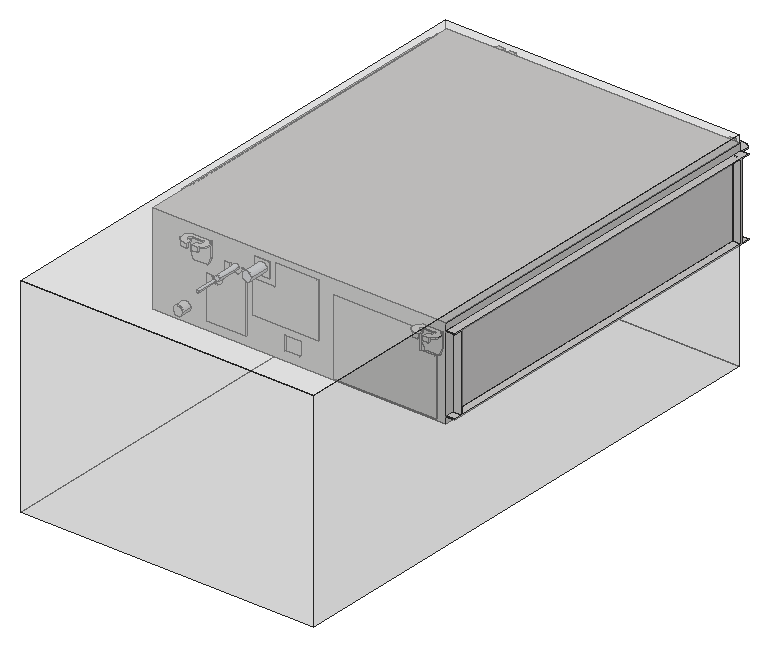
Revit family "outputfile", category 機械設備, Revit 2024
Family settings
  丸型コネクタ寸法 = 半径を使用
  パーツ タイプ = 標準
  OmniClass 番号 = 23.75.10.24.21.27.27
  OmniClass タイトル = Split System Air Conditioning Units
  作業面ベース = いいえ
  常に垂直 = はい
  ロード時にボイドで切り取り = いいえ
  注釈の向きを維持 = いいえ
  共有 = いいえ
  部屋計算ポイント = はい
Parameters (values of type "FXSQ50PAVE9")
  Description = ""
  製造元 = "Daikin"
  書き出し IFC クラス(タイプ) = "IfcUnitaryEquipmentType"
  定義済み IFC タイプ(タイプ) = "AIRCONDITIONINGUNIT"
  Cost = 0
  モデル = "FXSQ50PAVE9"
  Type Comments = ""
  Keynote = ""
  Type Image = (empty or 0)
  Assembly Code = ""
  r_Liquid Pipe Size = Liquid Pipe Size / 2  # 3.2 mm
  r_Gas Pipe Size = Gas Pipe Size / 2  # 6.35 mm
  r_Drain Pipe Size = Drain Pipe Size / 2  # 12.5 mm
  lw_power = 770.0 mm  # constant formula
  lh_SA = 138.0 mm  # constant formula
  lw_SA = if(Depth = 550.0 mm, 225.0 mm, if(Depth = 700.0 mm, 300.0 mm, if(Depth = 1000.0 mm, 450.0 mm, if(Depth = 1400.0 mm, 650.0 mm, 725.0 mm))))  # 450.0 mm
  lw_RA = if(Depth = 550.0 mm, 275.0 mm, if(Depth = 700.0 mm, 349.0 mm, if(Depth = 1000.0 mm, 499.0 mm, if(Depth = 1400.0 mm, 699.0 mm, 775.0 mm))))  # 499.0 mm
  lh_power = 60.0 mm + [h***]  # 60.0 mm
  lh_mountinghole1 = lh_mountinghole + [h***]  # 222.0 mm
  lh_RA = 123.0 mm  # constant formula
  ld_power = Depth / 2  # 500.0 mm
  Voltage_comment_60Hz = "220"
  Voltage_comment_50Hz = "220-240"
  Voltage_60Hz = 220 V
  Voltage_50Hz = 220 V
  URL = ""
  Supply Air Direction [instance] = yes
  Sound Power Level_H speed (dB) = 62
  Phase_60Hz = 1
  Phase_50Hz = 1
  Minimum External Static Pressure = 50.00 Pa
  Minimum Circuit Amps_60Hz = 1.3 A
  Minimum Circuit Amps_50Hz = 1.3 A
  Maximum Fuse Amps_60Hz = 16.0 A
  Maximum Fuse Amps_50Hz = 16.0 A
  Maximum External Static Pressure = 150.00 Pa
  Material_Casing = DAIKIN_GalvanizedSteel_Casing_indoorunit
  lw_mountinghole = 630.0 mm  # constant formula
  lh_gaspipe = 183.0 mm + [h***]  # 183.0 mm
  lh_mountinghole = 222.0 mm  # constant formula
  lh_liquidpipe = 136.0 mm + [h***]  # 136.0 mm
  lh_drainpipe = 207.0 mm + [h***]  # 207.0 mm
  lh_antena = Height - lh_mountinghole + 1.0 mm  # 24.0 mm
  ld_drainpipe = Depth / 2 + 53.0 mm  # 553.0 mm
  ld_liquidpipe = Depth / 2 + 69.0 mm  # 569.0 mm
  ld_gaspipe = Depth / 2 + 65.0 mm  # 565.0 mm
  ld_mountinghole = Depth + 38.0 mm  # 1038.0 mm
  h*** = 0.0 mm  # constant formula
  lw_liquidpipe = 179.0 mm  # constant formula
  lw_gaspipe = 229.0 mm  # constant formula
  lw_drainpipe = 300.0 mm  # constant formula
  Width = 800.0 mm
  Version = "ver.1.0"
  Unit Type = "Middle Static Pressure Duct Type"
  Unit Mass Weight = 35.00 kg
  Unit Designation [instance] = ""
  Uniclass2015Version = "Products v1.30"
  Uniclass2015Title = "Variable refrigerant flow units"
  Uniclass2015Code = "Pr_70_65_03_94"
  Total Heating Capacity [instance] = 0.000 kW
  Total Cooling Capacity [instance] = 0.000 kW
  Sound Pressure Level_M speed (dBA) = 0
  Sound Pressure Level_L speed (dBA) = 29
  Sound Pressure Level_H speed (dBA) = 34
  Series = "VRV Fan Coil Unit"
  Sensible Cooling Capacity [instance] = 0.000 kW
  SA Duct Size Width = if(Depth = 550.0 mm, 337.0 mm, if(Depth = 700.0 mm, 492.0 mm, if(Depth = 1000.0 mm, 792.0 mm, if(Depth = 1400.0 mm, 1192.0 mm, 1337.0 mm))))  # 792.0 mm
  SA Duct Size Height = 176.0 mm
  Refrigerant Type = "R410A"
  RA Duct Size Width = if(Depth = 550.0 mm, 502.0 mm, if(Depth = 700.0 mm, 654.0 mm, if(Depth = 1000.0 mm, 952.0 mm, if(Depth = 1400.0 mm, 1352.0 mm, 1502.0 mm))))  # 952.0 mm
  RA Duct Size Height = 208.0 mm
  Power Input (Heating) = 0.159 kW
  Power Input (Cooling) = 0.164 kW
  Option Accessory 3 [instance] = ""
  Option Accessory 2 [instance] = ""
  Option Accessory 1 [instance] = ""
  Nominal Heating Capacity = 6.300 kW
  Nominal Cooling Capacity = 5.600 kW
  Minimum Airflow = 690.00 m³/h
  Median Airflow = 870.00 m³/h
  Maximum Airflow = 1020.00 m³/h
  Load Classification = HVAC
  Liquid Pipe Size = 6.4 mm
  Link_Nested Family [instance] = ""
  IfcVersion = "0"
  IfcExportType = "AIRCONDITIONINGUNIT"
  IfcExportAs = "IfcUnitaryEquipmentType"
  Height = 245.0 mm
  Heating Entering Wet Bulb Temperature [instance] = 0.00 °C
  Heating Entering Dry Bulb Temperature [instance] = 0.00 °C
  Heating Ambient Wet Bulb Temperature [instance] = 0.00 °C
  Heating Ambient Dry Bulb Temperature [instance] = 0.00 °C
  Heat Exchanger Type = "Cross Fin Coil"
  Gas Pipe Size = 12.7 mm
  Frequency_60Hz = 60 Hz
  Frequency_50Hz = 50 Hz
  Fan Type = "Sirocco Fan"
  Fan Drive = "Direct Drive"
  FCU Tag No. [instance] = ""
  Drain Pipe Size = 25.0 mm
  Design Supply Airflow [instance] = 0.00 m³/h
  Design Return Airflow [instance] = 0.00 m³/h
  Design External Static Pressure [instance] = 0.00 Pa
  Depth = 1000.0 mm
  既定の高さ = 0.0 mm
  Cooling Entering Wet Bulb Temperature [instance] = 0.00 °C
  Cooling Entering Dry Bulb Temperature [instance] = 0.00 °C
  Cooling Ambient Wet Bulb Temperature [instance] = 0.00 °C
  Cooling Ambient Dry Bulb Temperature [instance] = 0.00 °C
  Clearance visibility [instance] = yes
  Clearance Top = 20.0 mm
  Clearance Right = 0.0 mm
  Clearance Rear = 0.0 mm
  Clearance Left = 0.0 mm
  Clearance Front = 450.0 mm
  Clearance Bottom = 300.0 mm
Reference planes
  plane 1 "Center (Front/Back)": y = 0
  plane 2 "h": z = 0
  plane 3 "Center (Left/Right)": x = 0
  plane 4 "Back": y = 500
  plane 5 "Front": y = -500
  plane 6 "Left": x = -400
  plane 7 "Reight": x = 400
  plane 8 "Top": z = 0
  plane 9 "Bottom": z = -245
  plane 10: y = -215
  plane 11: y = 500
  plane 12: y = -950
  plane 13: x = -400
  plane 14: x = 400
  plane 15: z = 20
  plane 16: z = -545
  plane 17: x = -400
  plane 18: x = -399
  plane 19: x = 399
  plane 20: y = 50
  plane 21: y = -1
  plane 22: z = -122
  plane 23: y = -501
  plane 24: z = -109
  plane 25: x = -221
  plane 26: y = -565
  plane 27: z = -62
  plane 28: x = -171
  plane 29: y = -553
  plane 30: z = -38
  plane 31: x = -100
  plane 32: x = -100
  plane 33: x = -221
  plane 34: x = -171
  plane 35: x = 370
  plane 36: x = -266
  plane 37: x = 364
  plane 38: y = -519
  plane 39: y = 519
  plane 40: z = -23
  plane 41: z = -107
  plane 42: y = -570
  plane 43: z = -207
  plane 44: x = -309
  plane 45: y = -526
  plane 46: x = -251
  plane 47: x = -203
  plane 48: x = -144
  plane 49: z = -59
  plane 50: z = -106
  plane 51: z = -221
  plane 52: z = -109
  plane 53: x = -221
  plane 54: z = -62
  plane 55: x = -171
  plane 56: z = -17
  plane 57: z = -59
  plane 58: x = -121
  plane 59: x = -79
  plane 60: x = -125
  plane 61: x = -64
  plane 62: x = 53
  plane 63: z = -164
  plane 64: z = -73
  plane 65: z = -16
  plane 66: x = 93.5
  plane 67: x = 374.5
  plane 68: x = 330
  plane 69: z = -88.5
  plane 70: z = -38
  plane 71: z = -242.5
  plane 72: x = -38.5
  plane 73: x = 6.5
  plane 74: z = -181
  plane 75: z = -221
  plane 76: y = -499
  plane 77: x = -424
  plane 78: x = 424
Forms (mm)
  Extrusion 1, solid, material "DAIKIN_GalvanizedSteel_Casing_indoorunit" <- "Material_Casing"
    sketch origin (0, 0, 0) x (1, 0, 0) y (0, 1, 0)
      loop
        line (-399, 500) -> (-399, -500) -> (399, -500) -> (399, 500) -> (-399, 500)
    from -245 to 0
  Extrusion 2, solid, material "DAIKIN_GalvanizedSteel_Casing_indoorunit" <- "Material_Casing"
    sketch origin (0, 0, 0) x (1, 0, 0) y (0, 0, 1)
      loop
        line (-251, -221) -> (-144, -221) -> (-144, -59) -> (-154.47, -59)
        arc (-154.47, -59) -> (-171, -78.8) -> (-187.53, -59) r 16.8
        line (-187.53, -59) -> (-203, -59) -> (-203, -106) -> (-206.916, -106)
        arc (-206.916, -106) -> (-221, -123.4) -> (-235.084, -106) r 14.4
        line (-235.084, -106) -> (-251, -106) -> (-251, -221)
    from 500 to 501
  Extrusion 3, solid, material "DAIKIN_GalvanizedSteel_Casing_indoorunit" <- "Material_Casing"
    sketch origin (0, 0, 0) x (1, 0, 0) y (0, 0, 1)
      loop
        line (-121, -17) -> (-121, -59) -> (-79, -59) -> (-79, -17) -> (-121, -17)
      loop
        line (-125, -73) -> (-125, -164) -> (53, -164) -> (53, -16) -> (-64, -16) -> (-64, -73) -> (-125, -73)
    from 500 to 501
  Extrusion 4, solid, material "DAIKIN_GalvanizedSteel_Casing_indoorunit" <- "Material_Casing"
    sketch origin (0, 0, 0) x (1, 0, 0) y (0, 0, 1)
      loop
        line (93.5, -38) -> (93.5, -242.5) -> (374.5, -242.5) -> (374.5, -88.5) -> (330, -88.5) -> (330, -38) -> (93.5, -38)
    from 500 to 501
  Extrusion 5, solid
    sketch origin (0, 0, 0) x (1, 0, 0) y (0, 0, 1)
      loop
        circle (-221, -109) r 3.2
    from 500 to 570
  Extrusion 6, solid
    sketch origin (0, 0, 0) x (1, 0, 0) y (0, 0, 1)
      loop
        circle (-171, -62) r 6.35
    from 500 to 565
  Extrusion 7, solid
    sketch origin (0, 0, 0) x (1, 0, 0) y (0, 0, 1)
      loop
        circle (-100, -38) r 12.5
    from 501 to 553
  Extrusion 8, solid, material "DAIKIN_GalvanizedSteel_Casing_indoorunit" <- "Material_Casing"
    sketch origin (0, 0, 0) x (1, 0, 0) y (0, 0, 1)
      loop
        circle (-309, -207) r 13
    from 500 to 526
  Extrusion 9, void
    sketch origin (0, 0, 0) x (1, 0, 0) y (0, 0, 1)
      loop
        line (-38.5, -181) -> (-38.5, -221) -> (6.5, -221) -> (6.5, -181) -> (-38.5, -181)
    from 499 to 500
Cuts and joins
  Extrusion 9 cuts Extrusion 1
Dimensions and locks
  "Height": plane 8 "Top" to plane 9 "Bottom"
  equal spacing: plane 4 "Back", plane 1 "Center (Front/Back)", plane 5 "Front"
  "Depth": plane 4 "Back" to plane 5 "Front"
  equal spacing: plane 6 "Left", plane 3 "Center (Left/Right)", plane 7 "Reight"
  "Width": plane 6 "Left" to plane 7 "Reight"
  "Clearance Left": plane 13 to plane 6 "Left"
  "Clearance Right": plane 7 "Reight" to plane 14
  "Clearance Rear": plane 11 to plane 4 "Back"
  "Clearance Front": plane 5 "Front" to plane 12
  "Clearance Top": plane 15 to plane 8 "Top"
  "Clearance Bottom": plane 9 "Bottom" to plane 16
  locked: plane 17 to plane 18 at 1
  locked: plane 19 to plane 14 at 1
  "lw_SA": plane 11 to plane 20
  "lw_RA": plane 21 to plane 5 "Front"
  "lh_RA": plane 22 to plane 9 "Bottom"
  locked: plane 5 "Front" to plane 23 at 1
  "lw_liquidpipe": plane 25 to plane 6 "Left"
  "lh_liquidpipe": plane 24 to plane 9 "Bottom"
  "lh_gaspipe": plane 27 to plane 9 "Bottom"
  "lw_gaspipe": plane 28 to plane 6 "Left"
  "ld_gaspipe": plane 26 to plane 1 "Center (Front/Back)"
  "ld_drainpipe": plane 29 to plane 1 "Center (Front/Back)"
  "lh_drainpipe": plane 30 to plane 9 "Bottom"
  "lw_drainpipe": plane 31 to plane 6 "Left"
  "lw_drainpipe": plane 6 "Left" to plane 32
  "lw_liquidpipe": plane 6 "Left" to plane 33
  "lw_gaspipe": plane 6 "Left" to plane 34
  "lw_power": plane 6 "Left" to plane 35
  locked: plane 17 to plane 36 at 134
  "lw_mountinghole": plane 36 to plane 37
  equal spacing: plane 38, plane 1 "Center (Front/Back)", plane 39
  "ld_mountinghole": plane 39 to plane 38
  "lh_mountinghole": plane 40 to plane 9 "Bottom"
  "lh_SA": plane 41 to plane 9 "Bottom"
  "ld_liquidpipe": plane 21 to plane 42
  locked: plane 44 to plane 6 "Left" at 91
  locked: plane 43 to plane 9 "Bottom" at 38
  locked: plane 5 "Front" to plane 45 at 26
  plane 48 to plane 47 to plane 46 to plane 6 "Left" = 59.0 mm, 48.0 mm, 149.0 mm
  plane 8 "Top" to plane 49 to plane 50 to plane 51 = 59.0 mm locked, 47.0 mm locked, 115.0 mm locked
  plane 55 to plane 53 to plane 6 "Left" = 50.0 mm locked, 179.0 mm locked
  plane 54 to plane 52 to plane 9 "Bottom" = 47.0 mm locked, 136.0 mm locked
  plane 59 to plane 58 to plane 6 "Left" = 42.0 mm locked, 279.0 mm locked
  plane 8 "Top" to plane 56 to plane 57 = 17.0 mm locked, 42.0 mm locked
  plane 62 to plane 61 to plane 60 to plane 6 "Left" = 117.0 mm, 61.0 mm, 275.0 mm
  plane 8 "Top" to plane 65 to plane 64 = 16.0 mm locked, 57.0 mm locked
  locked: plane 65 to plane 63 at 148
  plane 8 "Top" to plane 70 to plane 69 to plane 71 = 38.0 mm locked, 50.5 mm locked, 154.0 mm locked
  plane 67 to plane 68 to plane 66 to plane 6 "Left" = 44.5 mm locked, 236.5 mm locked, 493.5 mm locked
  plane 8 "Top" to plane 74 to plane 75 = 181.0 mm locked, 40.0 mm locked
  plane 73 to plane 72 to plane 6 "Left" = 45.0 mm, 361.5 mm
  locked: plane 76 to plane 5 "Front" at 1
  locked: plane 77 to plane 17 at 24
  locked: plane 14 to plane 78 at 24
  "r_Liquid Pipe Size": radius of Extrusion 5 sketch curve
  "r_Gas Pipe Size": radius of Extrusion 6 sketch curve
  "r_Drain Pipe Size": radius of Extrusion 7 sketch curve
  aligned and locked: level to plane 2 "h"
  aligned and locked: plane 8 "Top" to Extrusion 1
  aligned and locked: Extrusion 1 to plane 9 "Bottom"
  aligned and locked: nested 5 to plane 12
  aligned and locked: plane 13 to nested 5
  aligned and locked: plane 14 to nested 5
  aligned and locked: nested 5 to plane 13
  aligned and locked: plane 11 to nested 5
  aligned and locked: plane 15 to nested 5
  aligned and locked: plane 16 to nested 5
  aligned and locked: plane 5 "Front" to Extrusion 1 sketch curve
  aligned and locked: Extrusion 1 to plane 18
  aligned and locked: plane 19 to Extrusion 1
  aligned and locked: nested 7 to plane 18
  aligned and locked: nested 7 to plane 20
  aligned and locked: plane 19 to nested 8
  aligned and locked: plane 21 to nested 8
  aligned and locked: plane 22 to nested 8
  aligned and locked: Extrusion 2 to plane 23
  aligned and locked: plane 5 "Front" to Extrusion 2
  aligned and locked: Extrusion 3 to plane 23
  aligned and locked: plane 5 "Front" to Extrusion 3
  aligned and locked: plane 5 "Front" to Extrusion 4
  aligned and locked: Extrusion 5 sketch curve to plane 25
  aligned and locked: plane 24 to Extrusion 5 sketch curve
  aligned and locked: plane 5 "Front" to Extrusion 5
  aligned and locked: Extrusion 6 sketch curve to plane 28
  aligned and locked: plane 27 to Extrusion 6 sketch curve
  aligned and locked: plane 5 "Front" to Extrusion 6
  aligned and locked: Extrusion 7 sketch curve to plane 31
  aligned and locked: Extrusion 7 sketch curve to plane 30
  aligned and locked: Extrusion 7 to plane 29
  aligned and locked: plane 23 to Extrusion 7
  aligned and locked: nested 3 to plane 29
  aligned and locked: plane 32 to nested 3
  aligned and locked: nested 2 to plane 33
  aligned and locked: nested 1 to plane 34
  aligned and locked: Extrusion 6 to plane 26
  aligned and locked: nested 1 to plane 26
  aligned and locked: nested 6 to plane 5 "Front"
  aligned and locked: nested 6 to plane 35
  aligned and locked: plane 36 to nested 10
  aligned and locked: nested 10 to plane 5 "Front"
  aligned and locked: plane 37 to nested 9
  aligned and locked: nested 9 to plane 5 "Front"
  aligned and locked: nested 11 to plane 36
  aligned and locked: plane 4 "Back" to nested 11
  aligned and locked: nested 12 to plane 37
  aligned and locked: plane 4 "Back" to nested 12
  aligned and locked: plane 40 to nested 10
  aligned and locked: plane 40 to nested 11
  aligned and locked: plane 40 to nested 9
  aligned and locked: plane 40 to nested 12
  aligned and locked: plane 36 to nested 14
  aligned and locked: nested 14 to plane 39
  aligned and locked: plane 37 to nested 13
  aligned and locked: nested 13 to plane 39
  aligned and locked: plane 37 to nested 16
  aligned and locked: plane 38 to nested 16
  aligned and locked: plane 38 to nested 15
  aligned and locked: plane 36 to nested 15
  aligned and locked: plane 17 to plane 6 "Left"
  aligned and locked: plane 41 to nested 7
  aligned and locked: Extrusion 5 to plane 42
  aligned and locked: nested 2 to plane 42
  aligned and locked: Extrusion 8 sketch curve to plane 44
  aligned and locked: plane 43 to Extrusion 8 sketch curve
  aligned and locked: plane 5 "Front" to Extrusion 8
  aligned and locked: plane 45 to Extrusion 8
  aligned and locked: Extrusion 3 sketch curve to plane 56
  aligned and locked: Extrusion 3 sketch curve to plane 58
  aligned and locked: plane 57 to Extrusion 3 sketch curve
  aligned and locked: plane 59 to Extrusion 3 sketch curve
  aligned and locked: Extrusion 4 to plane 23
  aligned and locked: Extrusion 9 sketch curve to plane 74
  aligned and locked: plane 75 to Extrusion 9 sketch curve
  aligned and locked: plane 73 to Extrusion 9 sketch curve
  aligned and locked: plane 5 "Front" to Extrusion 9
  aligned and locked: plane 76 to Extrusion 9
  aligned and locked: nested 17 to plane 20
  aligned and locked: nested 17 to plane 77
  aligned and locked: plane 21 to nested 18
  aligned and locked: plane 78 to nested 18
  aligned and locked: plane 41 to nested 17
  aligned and locked: nested 18 to plane 22
  aligned and locked: nested 4 to plane 3 "Center (Left/Right)"
  aligned and locked: plane 1 "Center (Front/Back)" to nested 4
  aligned and locked: plane 8 "Top" to level
Automatic sketch dimensions
  plane 6 "Left" to Extrusion 1 sketch curve = 1.0 mm
  Extrusion 1 sketch curve to plane 7 "Reight" = 1.0 mm
  Extrusion 1 sketch curve to plane 4 "Back" = 0.0 mm
  Extrusion 2 sketch curve to plane 46 = 0.0 mm
  Extrusion 2 sketch curve to plane 33 = 0.0 mm
  Extrusion 2 sketch curve to plane 47 = 0.0 mm
  Extrusion 2 sketch curve to plane 34 = 0.0 mm
  Extrusion 2 sketch curve to plane 48 = 0.0 mm
  Extrusion 2 sketch curve to plane 51 = 0.0 mm
  Extrusion 2 sketch curve to plane 52 = 0.0 mm
  Extrusion 2 sketch curve to plane 50 = 0.0 mm  (x3)
  Extrusion 2 sketch curve to plane 54 = 0.0 mm
  Extrusion 2 sketch curve to plane 49 = 0.0 mm  (x3)
  plane 33 to Extrusion 2 sketch curve = 14.084 mm
  plane 34 to Extrusion 2 sketch curve = 16.53 mm
  Extrusion 3 sketch curve to plane 60 = 0.0 mm
  Extrusion 3 sketch curve to plane 61 = 0.0 mm
  Extrusion 3 sketch curve to plane 62 = 0.0 mm
  Extrusion 3 sketch curve to plane 63 = 0.0 mm
  Extrusion 3 sketch curve to plane 64 = 0.0 mm
  Extrusion 3 sketch curve to plane 65 = 0.0 mm
  Extrusion 4 sketch curve to plane 66 = 0.0 mm
  Extrusion 4 sketch curve to plane 68 = 0.0 mm
  Extrusion 4 sketch curve to plane 67 = 0.0 mm
  Extrusion 4 sketch curve to plane 71 = 0.0 mm
  Extrusion 4 sketch curve to plane 69 = 0.0 mm
  Extrusion 4 sketch curve to plane 70 = 0.0 mm
  Extrusion 9 sketch curve to plane 72 = 0.0 mm
  radius of Extrusion 8 sketch curve = 13.0 mm
Nested families
  nested 1: "daikin_connector_rotate2" at (-171, 0, -62), length <- "ld_gaspipe", built-in parameter 1001364 <- "lh_gaspipe", radius <- "r_Gas Pipe Size", type "daikin_connector_rotate2"
    with radius 6.35 mm, length 565.0 mm, angle_vertical 90.00°
  nested 2: "daikin_connector_rotate2" at (-221, -1, -109), length <- "ld_liquidpipe", built-in parameter 1001364 <- "lh_liquidpipe", radius <- "r_Liquid Pipe Size", type "daikin_connector_rotate2"
    with radius 3.2 mm, length 569.0 mm, angle_vertical 90.00°
  nested 3: "daikin_connector_rotate2" at (-100, 0, -38), length <- "ld_drainpipe", built-in parameter 1001364 <- "lh_drainpipe", radius <- "r_Drain Pipe Size", type "daikin_connector_rotate2"
    with radius 12.5 mm, length 553.0 mm, angle_vertical 90.00°
  nested 4: "daikin_△_symbolicline" at (0, 0, 245) x (0, -1, 0) z (0, 0, 1), built-in parameter 1001364 <- "Height", visible <- "Supply Air Direction", type "daikin_△_symbolicline"
    with length 200.0 mm
  nested 5: "daikin_clearancespace" at (0, -225, -262.381), visible <- "Clearance visibility", show <- "Clearance visibility", Link_Nested Family <- "Link_Nested Family", type "daikin_clearancespace"
    with width 800.0 mm, show yes, height 565.0 mm, depth 1450.0 mm, Link_Nested Family ""
  nested 6: "daikin_connector_rotate2" at (370, 0, -185), built-in parameter 1001364 <- "lh_power", length <- "ld_power", type "daikin_connector_rotate2"
    with radius 10.0 mm, length 500.0 mm, angle_vertical 90.00°
  nested 7: "daikin_ductflange_FXSQ-PAVE9_2" at (-399, 50, -107) x (0, -1, 0) z (0, 0, 1), type "daikin_ductflange_FXSQ-PAVE9_2"
    with width 792.0 mm, w 1000.0 mm
  nested 8: "daikin_ductflange_FXSQ-PAVE9_1" at (399, -1, -122) x (0, 1, 0) z (0, 0, 1), type "daikin_ductflange_FXSQ-PAVE9_1"
    with width 952.0 mm, w 1000.0 mm
  nested 9: "daikin_hangerfixture_FXSQ-PAVE9" at (364, -500, -23), type "daikin_hangerfixture_FXSQ-PAVE9"
  nested 10: "daikin_hangerfixture_FXSQ-PAVE9" at (-266, -500, -23), type "daikin_hangerfixture_FXSQ-PAVE9"
  nested 11: "daikin_hangerfixture_FXSQ-PAVE9" at (-266, 500, -23) x (-1, 0, 0) z (0, 0, 1), type "daikin_hangerfixture_FXSQ-PAVE9"
  nested 12: "daikin_hangerfixture_FXSQ-PAVE9" at (364, 500, -23) x (-1, 0, 0) z (0, 0, 1), type "daikin_hangerfixture_FXSQ-PAVE9"
  nested 13: "daikin_mountinghole" at (364, 519, -245), h_mountinghole <- "lh_mountinghole1", l_antenna <- "lh_antena", Link_Nested Family <- "Link_Nested Family", type "daikin_mountinghole"
    with show yes, l_antenna 24.0 mm, h_mountinghole 222.0 mm, Link_Nested Family ""
  nested 14: "daikin_mountinghole" at (-266, 519, -245), h_mountinghole <- "lh_mountinghole1", l_antenna <- "lh_antena", Link_Nested Family <- "Link_Nested Family", type "daikin_mountinghole"
    with show yes, l_antenna 24.0 mm, h_mountinghole 222.0 mm, Link_Nested Family ""
  nested 15: "daikin_mountinghole" at (-266, -519, -245), h_mountinghole <- "lh_mountinghole1", l_antenna <- "lh_antena", Link_Nested Family <- "Link_Nested Family", type "daikin_mountinghole"
    with show yes, l_antenna 24.0 mm, h_mountinghole 222.0 mm, Link_Nested Family ""
  nested 16: "daikin_mountinghole" at (364, -519, -245), h_mountinghole <- "lh_mountinghole1", l_antenna <- "lh_antena", Link_Nested Family <- "Link_Nested Family", type "daikin_mountinghole"
    with show yes, l_antenna 24.0 mm, h_mountinghole 222.0 mm, Link_Nested Family ""
  nested 17: "daikin_connector_rotate2" at (-400, 50, -107) x (0, -1, 0) z (0, 0, 1), type "daikin_connector_rotate2"
    with radius 10.0 mm, length 24.0 mm, angle_vertical 90.00°
  nested 18: "daikin_connector_rotate2" at (400, -1, -122) x (0, 1, 0) z (0, 0, 1), type "daikin_connector_rotate2"
    with radius 10.0 mm, length 24.0 mm, angle_vertical 90.00°
Connectors
  piping at (-100, -553, -38), diameter 25, driven by "r_Drain Pipe Size"
    settings: on nested 3, index 3, connector inside diameter 609.6 mm, connector length 0.0 mm, flow factor 0, pipe flow 0.00 m³/h, pressure drop 0.0 Pa, fitting loss kfactor 0, connector angle 0.00°, fixture units 0, engagement length 0.0 mm, angle of deflection 0.00°, flow configuration 1, flow direction 2, fitting loss method 4, system type 16, joint type 0, gender type 0, connector reference index -1, connector utility 0, adjustable connector no, is connector primary yes, connector description "Condensate Drain Piping"
  piping at (-171, -565, -62), diameter 12.7, driven by "r_Gas Pipe Size"
    settings: on nested 1, index 4, connector inside diameter 609.6 mm, connector length 0.0 mm, flow factor 0, pipe flow 0.00 m³/h, pressure drop 0.0 Pa, fitting loss kfactor 0, connector angle 0.00°, fixture units 0, engagement length 0.0 mm, angle of deflection 0.00°, flow configuration 1, flow direction 2, fitting loss method 0, system type 29, joint type 0, gender type 0, connector reference index -1, connector utility 0, adjustable connector no, is connector primary no, connector description "Refrigerant Gas Piping"
  piping at (-221, -570, -109), diameter 6.4, driven by "r_Liquid Pipe Size"
    settings: on nested 2, index 5, connector inside diameter 609.6 mm, connector length 0.0 mm, flow factor 0, pipe flow 0.00 m³/h, pressure drop 0.0 Pa, fitting loss kfactor 0, connector angle 0.00°, fixture units 0, engagement length 0.0 mm, angle of deflection 0.00°, flow configuration 1, flow direction 1, fitting loss method 0, system type 29, joint type 0, gender type 0, connector reference index -1, connector utility 0, adjustable connector no, is connector primary no, connector description "Refrigerant Liquid Piping"
  electrical at (370, -500, -185), driven by "Load Classification"
    settings: on nested 6, index 6, voltage 0 V, apparent load 0 VA, apparent load phase1 0 VA, apparent load phase2 0 VA, apparent load phase3 0 VA, power factor 1, load classification "HVAC", number of poles 1, system type 30, power factor state 1, is connector primary yes, connector utility no, sub classification motor no, connector description "Power Supply"
  hvac at (-424, 50, -107), driven by "SA Duct Size Height", driven by "SA Duct Size Width"
    settings: on nested 17, index 7, duct flow 0.00 m³/h, flow factor 0, pres drop 0.00 Pa, loss coef 0, conn angle 0.00°, conn width 792.0 mm, conn height 176.0 mm, conn diameter 609.6 mm, duct sys type 1, conn prof type 1, flow config 0, flow direction 2, loss method 4, conn ref index -1, conn util no, is conn primary yes, conn desc "SA Duct"
  hvac at (424, -1, -122), driven by "RA Duct Size Height", driven by "RA Duct Size Width"
    settings: on nested 18, index 8, duct flow 0.00 m³/h, flow factor 0, pres drop 0.00 Pa, loss coef 0, conn angle 0.00°, conn width 952.0 mm, conn height 208.0 mm, conn diameter 609.6 mm, duct sys type 2, conn prof type 1, flow config 0, flow direction 1, loss method 4, conn ref index -1, conn util no, is conn primary no, conn desc "RA Duct"
Definition of nested family "daikin_clearancespace"
  Parameters (values of type "daikin_clearancespace")
    width [instance] = 1823.963 mm
    show [instance] = yes
    material = none
    height [instance] = 1359.762 mm
    depth [instance] = 880.0 mm
    Default Elevation = 0.0 mm
    Link_Nested Family [instance] = ""
  Reference planes
    plane 1 "Center (Front/Back)": y = 0
    plane 2 "Center (Elevation)": z = -0.119
    plane 3 "Center (Left/Right)": x = 0
    plane 4: y = 440
    plane 5: y = -440
    plane 6 "Right": x = 911.982
    plane 7 "Left": x = -911.982
    plane 8 "Top": z = 679.762
    plane 9 "Bottom": z = -680
  Forms (mm)
    Extrusion 1, solid, material <- "material", visible <- "show"
      sketch origin (0, 0, 0) x (1, 0, 0) y (0, 1, 0)
        loop
          line (-911.982, 440) -> (-911.982, -440) -> (911.982, -440) -> (911.982, 440) -> (-911.982, 440)
      from -680 to 679.762
  Lines and regions (mm)
    symbolic lines, visible <- "show"
      curve 1: line (911.982, 440, 0) -> (-911.982, 440, 0)
      curve 2: line (-911.982, 440, 0) -> (-911.982, -440, 0)
      curve 3: line (-911.982, -440, 0) -> (911.982, -440, 0)
      curve 4: line (911.982, -440, 0) -> (911.982, 440, 0)
      curve 5: line (911.982, 0, 679.762) -> (-911.982, 0, 679.762)
      curve 6: line (911.982, 0, -680) -> (911.982, 0, 679.762)
      curve 7: line (-911.982, 0, -680) -> (911.982, 0, -680)
      curve 8: line (-911.982, 0, 679.762) -> (-911.982, 0, -680)
      curve 9: line (0, 440, 679.762) -> (0, -440, 679.762)
      curve 10: line (0, -440, 679.762) -> (0, -440, -680)
      curve 11: line (0, 440, -680) -> (0, 440, 679.762)
      curve 12: line (0, -440, -680) -> (0, 440, -680)
  Dimensions and locks
    "width": plane 7 "Left" to plane 6 "Right"
    "depth": plane 4 to plane 5
    "height": plane 8 "Top" to plane 9 "Bottom"
    equal spacing: plane 7 "Left", plane 3 "Center (Left/Right)", plane 6 "Right"
    equal spacing: plane 4, plane 1 "Center (Front/Back)", plane 5
    equal spacing: plane 8 "Top", plane 2 "Center (Elevation)", plane 9 "Bottom"
    aligned and locked: level to plane 2 "Center (Elevation)"
    aligned and locked: Extrusion 1 sketch curve to plane 4
    aligned and locked: plane 7 "Left" to Extrusion 1 sketch curve
    aligned and locked: Extrusion 1 sketch curve to plane 5
    aligned and locked: Extrusion 1 sketch curve to plane 6 "Right"
    aligned and locked: plane 8 "Top" to Extrusion 1
    aligned and locked: curve 1 to Extrusion 1
    aligned and locked: curve 2 to Extrusion 1
    aligned and locked: curve 3 to Extrusion 1
    aligned and locked: curve 4 to Extrusion 1
    aligned and locked: curve 5 to Extrusion 1
    aligned and locked: curve 6 to Extrusion 1
    aligned and locked: curve 7 to Extrusion 1
    aligned and locked: curve 8 to Extrusion 1
    aligned and locked: curve 9 to Extrusion 1
    aligned and locked: curve 10 to Extrusion 1
    aligned and locked: curve 11 to Extrusion 1
    aligned and locked: curve 12 to Extrusion 1
    aligned and locked: Extrusion 1 to plane 9 "Bottom"
Definition of nested family "daikin_ductflange_FXSQ-PAVE9_2"
  Parameters (values of type "daikin_ductflange_FXMQ-PAVE2")
    width = if(w = 550.0 mm, 337.0 mm, if(w = 700.0 mm, 492.0 mm, if(w = 1000.0 mm, 792.0 mm, if(w = 1400.0 mm, 1192.0 mm, 1337.0 mm))))  # 337.0 mm
    material = none
    height = 215.0 mm
    depth = 1.0 mm
    w = 550.0 mm
    Default Elevation = 0.0 mm
  Reference planes
    plane 1 "Center (Front/Back)": y = 0
    plane 2: z = 0
    plane 3 "Center (Left/Right)": x = 0
    plane 4: z = 88
    plane 5: z = -88
    plane 6: y = -25
    plane 7: z = 106
    plane 8: z = 89
    plane 9: y = -1
    plane 10: x = -192.5
    plane 11: x = 192.5
    plane 12: z = -106
    plane 13: z = -89
    plane 14: y = -1
    plane 15: x = 168.5
    plane 16: x = -168.5
    plane 17: x = 169.5
    plane 18: z = 87
    plane 19: z = -87
    plane 20: x = -169.5
    plane 21: z = 87
    plane 22: z = -87
    plane 23: y = -1
  Forms (mm)
    Extrusion 1, solid, material <- "material"
      sketch origin (0, 0, 0) x (0, 1, 0) y (0, 0, 1)
        loop
          line (-25, 88) -> (0, 88) -> (0, 106) -> (-1, 106) -> (-1, 89) -> (-25, 89) -> (-25, 88)
      from -192.5 to 192.5
    Extrusion 2, solid, material <- "material"
      sketch origin (0, 0, 0) x (0, 1, 0) y (0, 0, 1)
        loop
          line (-25, -88) -> (-25, -89) -> (-1, -89) -> (-1, -106) -> (0, -106) -> (0, -88) -> (-25, -88)
      from -192.5 to 192.5
    Extrusion 3, solid, material <- "material"
      sketch origin (0, 0, 0) x (1, 0, 0) y (0, 0, 1)
        loop
          line (168.5, 88) -> (168.5, -88) -> (192.5, -88) -> (192.5, -87) -> (169.5, -87) -> (169.5, 87) -> (192.5, 87) -> (192.5, 88) -> (168.5, 88)
      from 0 to 25
    Extrusion 4, solid, material <- "material"
      sketch origin (0, 0, 0) x (1, 0, 0) y (0, 0, 1)
        loop
          line (-192.5, 88) -> (-192.5, 87) -> (-169.5, 87) -> (-169.5, -87) -> (-192.5, -87) -> (-192.5, -88) -> (-168.5, -88) -> (-168.5, 88) -> (-192.5, 88)
      from 0 to 25
    Extrusion 5, solid, material <- "material"
      sketch origin (0, 0, 0) x (1, 0, 0) y (0, 0, 1)
        loop
          line (-192.5, 88) -> (-192.5, -88) -> (-168.5, -88) -> (-168.5, 88) -> (-192.5, 88)
        loop
          line (192.5, 88) -> (168.5, 88) -> (168.5, -88) -> (192.5, -88) -> (192.5, 88)
      from 0 to 1
  Cuts and joins
    joined: Extrusion 1, Extrusion 2, Extrusion 3, Extrusion 4, Extrusion 5
  Dimensions and locks
    plane 4 to level to plane 5 = 88.0 mm, 88.0 mm
    locked: plane 6 to plane 1 "Center (Front/Back)" at 25
    locked: plane 9 to plane 1 "Center (Front/Back)" at 1
    locked: plane 8 to plane 4 at 1
    locked: plane 16 to plane 10 at 24
    locked: plane 17 to plane 15 at 1
    locked: plane 4 to plane 18 at 1
    locked: plane 19 to plane 5 at 1
    "width": plane 15 to plane 16
    plane 4 to plane 5 = 176.0 mm
    locked: plane 16 to plane 20 at 1
    locked: plane 4 to plane 21 at 1
    locked: plane 22 to plane 5 at 1
    locked: plane 23 to plane 1 "Center (Front/Back)" at 1
    plane 4 to level to plane 5 = 88.0 mm locked, 88.0 mm locked
    locked: plane 5 to plane 13 at 1
    locked: plane 5 to plane 12 at 18
    locked: plane 7 to plane 4 at 18
    equal spacing: plane 15, plane 3 "Center (Left/Right)", plane 16
    locked: plane 11 to plane 15 at 24
    plane 11 to plane 10 = 385.0 mm
    aligned and locked: level to plane 2
    aligned and locked: Extrusion 1 to plane 10
    aligned and locked: plane 11 to Extrusion 1
    aligned and locked: plane 5 to Extrusion 2
    aligned and locked: Extrusion 2 to plane 1 "Center (Front/Back)"
    aligned and locked: plane 15 to Extrusion 3 sketch curve
    aligned and locked: Extrusion 3 sketch curve to Extrusion 2  (x2)
    aligned and locked: Extrusion 3 sketch curve to plane 11
    aligned and locked: plane 6 to Extrusion 3
    aligned and locked: Extrusion 2 to plane 10
    aligned and locked: plane 11 to Extrusion 2
    aligned and locked: Extrusion 4 sketch curve to Extrusion 1  (x2)
    aligned and locked: plane 5 to Extrusion 4 sketch curve
    aligned and locked: Extrusion 4 sketch curve to plane 16
    aligned and locked: Extrusion 4 sketch curve to plane 22
    aligned and locked: plane 20 to Extrusion 4 sketch curve
    aligned and locked: plane 21 to Extrusion 4 sketch curve
    aligned and locked: Extrusion 4 to plane 1 "Center (Front/Back)"
    aligned and locked: plane 6 to Extrusion 4
    aligned and locked: Extrusion 5 sketch curve to Extrusion 1  (x4)
    aligned and locked: Extrusion 5 sketch curve to Extrusion 4  (x2)
    aligned and locked: Extrusion 5 sketch curve to Extrusion 3  (x2)
    aligned and locked: Extrusion 5 to plane 1 "Center (Front/Back)"
    aligned and locked: plane 23 to Extrusion 5
  Automatic sketch dimensions
    Extrusion 1 sketch curve to plane 6 = 0.0 mm
    Extrusion 1 sketch curve to plane 7 = 0.0 mm
    Extrusion 1 sketch curve to plane 9 = 0.0 mm
    Extrusion 1 sketch curve to plane 1 "Center (Front/Back)" = 0.0 mm
    Extrusion 1 sketch curve to plane 4 = 0.0 mm
    Extrusion 1 sketch curve to plane 8 = 0.0 mm
    Extrusion 2 sketch curve to plane 6 = 0.0 mm
    plane 12 to Extrusion 2 sketch curve = 0.0 mm
    Extrusion 2 sketch curve to plane 14 = 0.0 mm
    Extrusion 2 sketch curve to plane 1 "Center (Front/Back)" = 0.0 mm
    plane 13 to Extrusion 2 sketch curve = 0.0 mm
    Extrusion 2 sketch curve to plane 5 = 0.0 mm
    Extrusion 3 sketch curve to plane 17 = 0.0 mm
    Extrusion 3 sketch curve to plane 19 = 0.0 mm
    Extrusion 3 sketch curve to plane 18 = 0.0 mm
    Extrusion 3 sketch curve to plane 4 = 0.0 mm
    Extrusion 4 sketch curve to plane 10 = 0.0 mm
Definition of nested family "daikin_ductflange_FXSQ-PAVE9_1"
  Parameters (values of type "daikin_ductflange_FXMQ-PAVE")
    width = if(w = 550.0 mm, 502.0 mm, if(w = 700.0 mm, 654.0 mm, if(w = 1000.0 mm, 952.0 mm, if(w = 1400.0 mm, 1352.0 mm, 1502.0 mm))))  # 502.0 mm
    material = none
    height = 208.0 mm
    depth = 1.0 mm
    w = 550.0 mm
    Default Elevation = 0.0 mm
  Reference planes
    plane 1 "Center (Front/Back)": y = 0
    plane 2: z = 0
    plane 3 "Center (Left/Right)": x = 0
    plane 4: z = 104
    plane 5: z = -104
    plane 6: y = -25
    plane 7: z = 121
    plane 8: z = 105
    plane 9: y = -1
    plane 10: x = -275
    plane 11: x = 275
    plane 12: z = -122
    plane 13: z = -105
    plane 14: y = -1
    plane 15: x = 251
    plane 16: x = -251
    plane 17: x = 252
    plane 18: z = 103
    plane 19: z = -103
    plane 20: x = -252
    plane 21: z = 103
    plane 22: z = -103
    plane 23: y = -1
  Forms (mm)
    Extrusion 1, solid, material <- "material"
      sketch origin (0, 0, 0) x (0, 1, 0) y (0, 0, 1)
        loop
          line (-25, 104) -> (0, 104) -> (0, 121) -> (-1, 121) -> (-1, 105) -> (-25, 105) -> (-25, 104)
      from -275 to 275
    Extrusion 2, solid, material <- "material"
      sketch origin (0, 0, 0) x (0, 1, 0) y (0, 0, 1)
        loop
          line (-25, -104) -> (-25, -105) -> (-1, -105) -> (-1, -122) -> (0, -122) -> (0, -104) -> (-25, -104)
      from -275 to 275
    Extrusion 3, solid, material <- "material"
      sketch origin (0, 0, 0) x (1, 0, 0) y (0, 0, 1)
        loop
          line (251, 104) -> (251, -104) -> (275, -104) -> (275, -103) -> (252, -103) -> (252, 103) -> (275, 103) -> (275, 104) -> (251, 104)
      from 0 to 25
    Extrusion 4, solid, material <- "material"
      sketch origin (0, 0, 0) x (1, 0, 0) y (0, 0, 1)
        loop
          line (-275, 104) -> (-275, 103) -> (-252, 103) -> (-252, -103) -> (-275, -103) -> (-275, -104) -> (-251, -104) -> (-251, 104) -> (-275, 104)
      from 0 to 25
    Extrusion 5, solid, material <- "material"
      sketch origin (0, 0, 0) x (1, 0, 0) y (0, 0, 1)
        loop
          line (-275, 104) -> (-275, -104) -> (-251, -104) -> (-251, 104) -> (-275, 104)
        loop
          line (275, 104) -> (251, 104) -> (251, -104) -> (275, -104) -> (275, 104)
      from 0 to 1
  Cuts and joins
    joined: Extrusion 1, Extrusion 2, Extrusion 3, Extrusion 4, Extrusion 5
  Dimensions and locks
    plane 4 to level to plane 5 = 104.0 mm, 104.0 mm
    locked: plane 6 to plane 1 "Center (Front/Back)" at 25
    locked: plane 9 to plane 1 "Center (Front/Back)" at 1
    locked: plane 8 to plane 4 at 1
    locked: plane 11 to plane 15 at 24
    locked: plane 16 to plane 10 at 24
    locked: plane 17 to plane 15 at 1
    locked: plane 4 to plane 18 at 1
    locked: plane 19 to plane 5 at 1
    "width": plane 15 to plane 16
    equal spacing: plane 15, plane 3 "Center (Left/Right)", plane 16
    locked: plane 16 to plane 20 at 1
    locked: plane 4 to plane 21 at 1
    locked: plane 22 to plane 5 at 1
    locked: plane 23 to plane 1 "Center (Front/Back)" at 1
    locked: plane 7 to plane 4 at 17
    locked: plane 1 "Center (Front/Back)" to plane 14 at 1
    locked: plane 5 to plane 13 at 1
    "height": plane 4 to plane 5
    plane 11 to plane 10 = 550.0 mm
    locked: plane 12 to plane 13 at 17
    equal spacing: plane 4, level, plane 5
    aligned and locked: level to plane 2
    aligned and locked: Extrusion 1 to plane 10
    aligned and locked: plane 11 to Extrusion 1
    aligned and locked: plane 5 to Extrusion 2
    aligned and locked: Extrusion 2 to plane 1 "Center (Front/Back)"
    aligned and locked: plane 15 to Extrusion 3 sketch curve
    aligned and locked: Extrusion 3 sketch curve to Extrusion 2  (x2)
    aligned and locked: Extrusion 3 sketch curve to plane 11
    aligned and locked: plane 6 to Extrusion 3
    aligned and locked: Extrusion 2 to plane 10
    aligned and locked: plane 11 to Extrusion 2
    aligned and locked: Extrusion 4 sketch curve to Extrusion 1  (x2)
    aligned and locked: plane 5 to Extrusion 4 sketch curve
    aligned and locked: Extrusion 4 sketch curve to plane 16
    aligned and locked: Extrusion 4 sketch curve to plane 22
    aligned and locked: plane 20 to Extrusion 4 sketch curve
    aligned and locked: plane 21 to Extrusion 4 sketch curve
    aligned and locked: Extrusion 4 to plane 1 "Center (Front/Back)"
    aligned and locked: plane 6 to Extrusion 4
    aligned and locked: Extrusion 5 sketch curve to Extrusion 1  (x4)
    aligned and locked: Extrusion 5 sketch curve to Extrusion 4  (x2)
    aligned and locked: Extrusion 5 sketch curve to Extrusion 3  (x2)
    aligned and locked: Extrusion 5 to plane 1 "Center (Front/Back)"
    aligned and locked: plane 23 to Extrusion 5
  Automatic sketch dimensions
    Extrusion 1 sketch curve to plane 6 = 0.0 mm
    Extrusion 1 sketch curve to plane 7 = 0.0 mm
    Extrusion 1 sketch curve to plane 9 = 0.0 mm
    Extrusion 1 sketch curve to plane 1 "Center (Front/Back)" = 0.0 mm
    Extrusion 1 sketch curve to plane 4 = 0.0 mm
    Extrusion 1 sketch curve to plane 8 = 0.0 mm
    Extrusion 2 sketch curve to plane 6 = 0.0 mm
    plane 12 to Extrusion 2 sketch curve = 0.0 mm
    Extrusion 2 sketch curve to plane 14 = 0.0 mm
    Extrusion 2 sketch curve to plane 1 "Center (Front/Back)" = 0.0 mm
    plane 13 to Extrusion 2 sketch curve = 0.0 mm
    Extrusion 2 sketch curve to plane 5 = 0.0 mm
    Extrusion 3 sketch curve to plane 17 = 0.0 mm
    Extrusion 3 sketch curve to plane 19 = 0.0 mm
    Extrusion 3 sketch curve to plane 18 = 0.0 mm
    Extrusion 3 sketch curve to plane 4 = 0.0 mm
    Extrusion 4 sketch curve to plane 10 = 0.0 mm
Definition of nested family "daikin_hangerfixture_FXSQ-PAVE9"
  Parameters (values of type "daikin_hangerfixture_FXMQ-PAVE")
    width = 72.0 mm
    material = none
    height = 60.0 mm
    depth = 41.0 mm
    Default Elevation = 0.0 mm
  Reference planes
    plane 1 "Center (Front/Back)": y = 0
    plane 2: z = 0
    plane 3 "Center (Left/Right)": x = 0
    plane 4: y = 417.146
    plane 5: y = -41
    plane 6: x = -36
    plane 7: x = 36
    plane 8: z = -2.3
    plane 9: z = -60
    plane 10: y = -2.3
    plane 11: z = -12
    plane 12: y = -38.7
  Forms (mm)
    Extrusion 1, solid, material <- "material"
      sketch origin (0, 0, 0) x (1, 0, 0) y (0, 1, 0)
        loop
          line (-28, 0) -> (-28, -5)
          arc (-28, -5) -> (-29.127, -8.162) -> (-32, -9.899) r 5
          arc (-32, -9.899) -> (-34.873, -11.636) -> (-36, -14.798) r 5
          line (-36, -14.798) -> (-36, -27.178)
          arc (-36, -27.178) -> (-35.429, -29.499) -> (-33.846, -31.289) r 5
          line (-33.846, -31.289) -> (-23, -38.798) -> (-23, -41.098) -> (-6.5, -41.098) -> (-6.5, -28.498)
          arc (-6.5, -28.498) -> (-7.379, -26.377) -> (-9.5, -25.498) r 3
          line (-9.5, -25.498) -> (-13.5, -25.498)
          arc (-13.5, -25.498) -> (-20, -18.998) -> (-13.5, -12.498) r 6.5
          line (-13.5, -12.498) -> (13.5, -12.498)
          arc (13.5, -12.498) -> (20, -18.998) -> (13.5, -25.498) r 6.5
          line (13.5, -25.498) -> (9.5, -25.498)
          arc (9.5, -25.498) -> (7.379, -26.377) -> (6.5, -28.498) r 3
          line (6.5, -28.498) -> (6.5, -41.098) -> (23, -41.098) -> (23, -38.798) -> (33.846, -31.289)
          arc (33.846, -31.289) -> (35.429, -29.499) -> (36, -27.178) r 5
          line (36, -27.178) -> (36, -14.596)
          arc (36, -14.596) -> (34.873, -11.434) -> (32, -9.697) r 5
          arc (32, -9.697) -> (29.127, -7.96) -> (28, -4.798) r 5
          line (28, -4.798) -> (28, 0) -> (-28, 0)
      from 0 to -2.3
    Extrusion 2, solid, material <- "material"
      sketch origin (0, 0, 0) x (1, 0, 0) y (0, 0, 1)
        loop
          line (28, -39.037) -> (28, 0) -> (-28, 0) -> (-28, -39.037)
          arc (-28, -39.037) -> (-27.91, -39.983) -> (-27.642, -40.894) r 5
          line (-27.642, -40.894) -> (-21.257, -56.857)
          arc (-21.257, -56.857) -> (-19.418, -59.14) -> (-16.615, -60) r 5
          line (-16.615, -60) -> (16.615, -60)
          arc (16.615, -60) -> (19.418, -59.14) -> (21.257, -56.857) r 5
          line (21.257, -56.857) -> (27.642, -40.894)
          arc (27.642, -40.894) -> (27.91, -39.983) -> (28, -39.037) r 5
      from 0 to 2.3
    Extrusion 3, solid, material <- "material"
      sketch origin (0, 0, 0) x (1, 0, 0) y (0, 0, 1)
        loop
          line (-23, 0) -> (-23, -9)
          arc (-23, -9) -> (-22.121, -11.121) -> (-20, -12) r 3
          line (-20, -12) -> (-9.5, -12)
          arc (-9.5, -12) -> (-7.379, -11.121) -> (-6.5, -9) r 3
          line (-6.5, -9) -> (-6.5, 0) -> (-23, 0)
        loop
          line (23, 0) -> (6.5, 0) -> (6.5, -9)
          arc (6.5, -9) -> (7.379, -11.121) -> (9.5, -12) r 3
          line (9.5, -12) -> (20, -12)
          arc (20, -12) -> (22.121, -11.121) -> (23, -9) r 3
          line (23, -9) -> (23, 0)
      from 38.8 to 41.098
  Cuts and joins
    joined: Extrusion 1, Extrusion 2, Extrusion 3
  Dimensions and locks
    plane 2 to plane 8 = 2.3 mm
    "height": plane 2 to plane 9
    locked: plane 10 to plane 1 "Center (Front/Back)" at 2.3
    locked: plane 2 to plane 11 at 12
    locked: plane 12 to plane 5 at 2.3
    aligned and locked: level to plane 2
    aligned and locked: Extrusion 1 to plane 8
    aligned and locked: plane 2 to Extrusion 1
    aligned and locked: plane 2 to Extrusion 2 sketch curve
    aligned and locked: Extrusion 2 to plane 10
    aligned and locked: Extrusion 2 to plane 1 "Center (Front/Back)"
    aligned and locked: Extrusion 3 sketch curve to cut or joined group of Extrusion 1, Extrusion 2, Extrusion 3  (x3)
    aligned and locked: cut or joined group of Extrusion 1, Extrusion 2, Extrusion 3 to Extrusion 3
  Automatic sketch dimensions
    Extrusion 2 sketch curve to plane 7 = 8.0 mm
    Extrusion 2 sketch curve to plane 8 = 36.737 mm
    plane 6 to Extrusion 2 sketch curve = 19.385 mm
    Extrusion 1 sketch curve to plane 6 = 0.0 mm
    plane 1 "Center (Front/Back)" to Extrusion 1 sketch curve = 0.0 mm
    Extrusion 1 sketch curve to plane 7 = 0.0 mm
    plane 6 to Extrusion 1 sketch curve = 2.154 mm
    plane 6 to Extrusion 1 sketch curve = 3.0 mm
    Extrusion 1 sketch curve to Extrusion 1 sketch curve = 5.0 mm  (x3)
    Extrusion 1 sketch curve to plane 12 = 0.098 mm  (x2)
    Extrusion 1 sketch curve to Extrusion 1 sketch curve = 4.0 mm  (x2)
    Extrusion 1 sketch curve to plane 5 = 0.098 mm  (x2)
    Extrusion 1 sketch curve to plane 3 "Center (Left/Right)" = 6.5 mm
    plane 3 "Center (Left/Right)" to Extrusion 1 sketch curve = 6.5 mm
    Extrusion 1 sketch curve to Extrusion 1 sketch curve = 3.0 mm
    Extrusion 1 sketch curve to plane 7 = 8.0 mm
    Extrusion 1 sketch curve to plane 7 = 5.0 mm
    Extrusion 1 sketch curve to plane 7 = 3.0 mm
    Extrusion 1 sketch curve to plane 7 = 2.154 mm
    plane 12 to Extrusion 1 sketch curve = 7.411 mm  (x2)
    plane 12 to Extrusion 1 sketch curve = 10.202 mm  (x2)
    Extrusion 1 sketch curve to Extrusion 1 sketch curve = 6.5 mm  (x2)
    Extrusion 1 sketch curve to Extrusion 1 sketch curve = 12.38 mm
    Extrusion 1 sketch curve to plane 10 = 12.296 mm
    Extrusion 1 sketch curve to plane 10 = 2.7 mm
    Extrusion 1 sketch curve to plane 10 = 2.498 mm
    plane 6 to Extrusion 1 sketch curve = 4.0 mm
    Extrusion 1 sketch curve to Extrusion 1 sketch curve = 0.0 mm  (x2)
    Extrusion 1 sketch curve to plane 7 = 4.0 mm
    Extrusion 1 sketch curve to Extrusion 1 sketch curve = 4.111 mm
    Extrusion 3 sketch curve to level = 0.0 mm  (x2)
    Extrusion 3 sketch curve to plane 11 = 0.0 mm  (x2)
    plane 11 to Extrusion 3 sketch curve = 3.0 mm  (x2)
    plane 3 "Center (Left/Right)" to Extrusion 3 sketch curve = 6.5 mm
    Extrusion 3 sketch curve to Extrusion 3 sketch curve = 3.0 mm  (x2)
    Extrusion 2 sketch curve to plane 9 = 0.0 mm
    Extrusion 2 sketch curve to Extrusion 2 sketch curve = 11.385 mm
    plane 6 to Extrusion 2 sketch curve = 8.0 mm
    plane 9 to Extrusion 2 sketch curve = 20.963 mm
    Extrusion 2 sketch curve to Extrusion 2 sketch curve = 5.0 mm  (x2)
    plane 9 to Extrusion 2 sketch curve = 3.143 mm  (x3)
    Extrusion 2 sketch curve to Extrusion 2 sketch curve = 4.642 mm  (x2)
    Extrusion 2 sketch curve to Extrusion 2 sketch curve = 0.0 mm  (x2)
    Extrusion 2 sketch curve to Extrusion 2 sketch curve = 0.358 mm
    Extrusion 2 sketch curve to Extrusion 2 sketch curve = 1.857 mm  (x2)
Definition of nested family "daikin_connector_rotate2"
  Parameters (values of type "daikin_connector_rotate2")
    Default Elevation = 1219.2 mm
    show_face = no
    radius [instance] = 10.0 mm
    length [instance] = 600.0 mm
    d_surface = 10.0 mm
    angle_vertical [instance] = 90.00°
  Reference planes
    plane 1 "Center (Front/Back)": y = 0
    plane 2: z = 0
    plane 3 "Center (Left/Right)": x = 0
  Forms (mm)
    Extrusion 1, solid, visible <- "show_face"
      sketch origin (0, -600, 0) x (1, 0, 0) y (0, 0, 1)
        loop
          circle (0, 0) r 10
      from 0 to -10
  Lines and regions (mm)
    reference lines
      curve 1: line (0, 0, 0) -> (0, -600, 0)
    symbolic lines
      curve 2: circle (0, 0, 0) r 5 normal (0, 0, 1)
    model lines, visible <- "show_face"
      curve 3: line (0, 0, 0) -> (0, -600, 0)
  Dimensions and locks
    "length": curve 1 to curve 1
    "length": curve 3 to curve 3
    "d_surface": Extrusion 1 to Extrusion 1
    "radius": radius of Extrusion 1 sketch curve
    "angle_vertical": angle curve 1 to plane 1 "Center (Front/Back)"
    "angle_vertical": angle curve 3 to plane 1 "Center (Front/Back)"
    aligned and locked: level to plane 2
    aligned and locked: plane 1 "Center (Front/Back)" to curve 1
    aligned and locked: plane 2 to curve 1
    aligned and locked: plane 1 "Center (Front/Back)" to curve 2
    aligned and locked: plane 3 "Center (Left/Right)" to curve 2
    aligned and locked: plane 1 "Center (Front/Back)" to curve 3
    aligned and locked: plane 2 to curve 3
    aligned and locked: Extrusion 1 to Extrusion 1
  Automatic sketch dimensions
    Extrusion 1 sketch curve to level = 0.0 mm
    Extrusion 1 sketch curve to plane 3 "Center (Left/Right)" = 0.0 mm
    radius of curve 2 = 5.0 mm
Definition of nested family "daikin_△_symbolicline"
  Parameters (values of type "daikin_△_symbolicline")
    length [instance] = 200.0 mm
    Default Elevation = 0.0 mm
  Reference planes
    plane 1 "Center (Front/Back)": y = 0
    plane 2: z = 0
    plane 3 "Center (Left/Right)": x = 0
  Lines and regions (mm)
    symbolic lines
      curve 1: line (0, -173.205, 0) -> (100, 0, 0)
      curve 2: line (100, 0, 0) -> (-100, 0, 0)
      curve 3: line (-100, 0, 0) -> (0, -173.205, 0)
  Dimensions and locks
    equal spacing: curve 3, plane 3 "Center (Left/Right)", curve 2
    "length": curve 3 to curve 2
    "length": curve 3 to curve 3
    "length": curve 1 to curve 1
    aligned and locked: level to plane 2
    aligned and locked: curve 2 to plane 1 "Center (Front/Back)"
    aligned and locked: plane 3 "Center (Left/Right)" to curve 3
Definition of nested family "daikin_mountinghole"
  Parameters (values of type "daikin_mountinghole")
    Default Elevation = 1219.2 mm
    Type Comments = "mountinghole"
    show [instance] = yes
    material = none
    l_centerline = 100.0 mm
    l_antenna [instance] = 100.0 mm
    h_mountinghole [instance] = 0.0 mm
    d_circle = 30.0 mm
    Link_Nested Family [instance] = ""
  Reference planes
    plane 1 "Center (Front/Back)": y = 0
    plane 2: z = 0
    plane 3 "Center (Left/Right)": x = 0
    plane 4: y = 50
    plane 5: x = -50
    plane 6: x = 50
    plane 7: y = -50
    plane 8 "h_mountinghole": z = 0
    plane 9: z = 100
  Lines and regions (mm)
    model lines, detail levels fine
      curve 1: circle (0, 0, 0) r 15 normal (0, 0, 1)
      curve 2: line (-50, 0, 0) -> (50, 0, 0)
      curve 3: line (0, 50, 0) -> (0, -50, 0)
    symbolic lines, detail levels fine
      curve 4: circle (0, 0, 0) r 15 normal (0, 0, 1)
      curve 5: line (-50, 0, 0) -> (50, 0, 0)
      curve 6: line (0, 50, 0) -> (0, -50, 0)
    model lines
      curve 7: line (0, 0, 100) -> (0, 0, 0)
  Dimensions and locks
    equal spacing: plane 4, plane 1 "Center (Front/Back)", plane 7
    "l_centerline": plane 4 to plane 7
    equal spacing: plane 5, plane 3 "Center (Left/Right)", plane 6
    "l_centerline": plane 5 to plane 6
    "l_antenna": plane 9 to plane 8 "h_mountinghole"
    "h_mountinghole": plane 8 "h_mountinghole" to plane 2
    "d_circle": diameter of curve 1
    "d_circle": diameter of curve 4
    aligned and locked: level to plane 2
    aligned and locked: plane 1 "Center (Front/Back)" to curve 1
    aligned and locked: plane 3 "Center (Left/Right)" to curve 1
    aligned and locked: plane 1 "Center (Front/Back)" to curve 2
    aligned and locked: curve 3 to plane 3 "Center (Left/Right)"
    aligned and locked: plane 6 to curve 2
    aligned and locked: plane 5 to curve 2
    aligned and locked: plane 4 to curve 3
    aligned and locked: plane 7 to curve 3
    aligned and locked: plane 1 "Center (Front/Back)" to curve 4
    aligned and locked: plane 3 "Center (Left/Right)" to curve 4
    aligned and locked: plane 6 to curve 5
    aligned and locked: plane 5 to curve 5
    aligned and locked: plane 1 "Center (Front/Back)" to curve 5
    aligned and locked: plane 4 to curve 6
    aligned and locked: plane 7 to curve 6
    aligned and locked: curve 6 to plane 3 "Center (Left/Right)"
    aligned and locked: curve 7 to plane 3 "Center (Left/Right)"
    aligned and locked: plane 9 to curve 7
    aligned and locked: plane 8 "h_mountinghole" to curve 7
